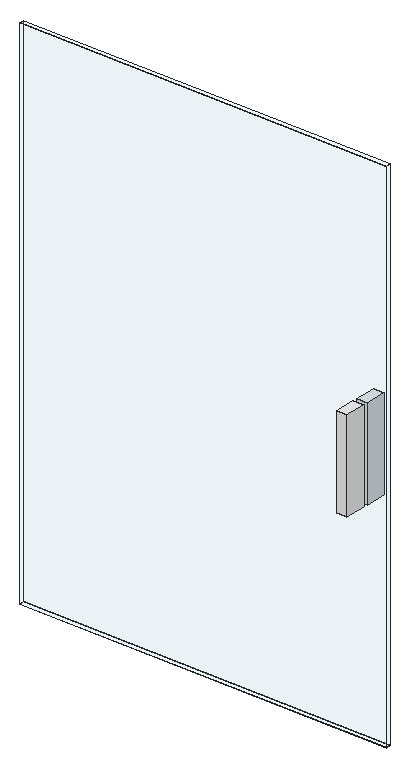
Revit family
Parameters (values of type "커튼월 단일 유리")
  Function = (empty or 0)
  Assembly Code = ""
  간격띄우기 = 51.00 mm
  유리 재료 = 유리
Reference planes
  plane 1: y = 0
  plane 2: z = 0
  plane 3: x = 539.723
  plane 4: x = 82.523
  plane 5: x = 996.923
  plane 6: z = 1300.153
  plane 7: y = 51
Forms (mm)
  Extrusion 1, solid, material "유리" <- "유리 재료"
    sketch origin (0, 0, 37.81) x (1, 0, 0) y (0, 1, 0)
      loop
        line (82.523, 51) -> (82.523, 38.3) -> (996.923, 38.3) -> (996.923, 51) -> (82.523, 51)
    from -37.81 to 1262.19
  Extrusion 2, solid, material "유리" <- "유리 재료"
    sketch origin (1079.446, 0, 37.81) x (-1, 0, 0) y (0, -1, 0)
      loop
        line (82.523, -51) -> (996.923, -51) -> (996.923, -38.3) -> (82.523, -38.3) -> (82.523, -51)
    from -37.81 to 1262.19
  Extrusion 3, solid, material "유리" <- "유리 재료"
    sketch origin (1079.446, 0, 37.81) x (-1, 0, 0) y (0, -1, 0)
      loop
        line (82.523, -51) -> (996.923, -51) -> (996.923, -38.3) -> (82.523, -38.3) -> (82.523, -51)
    from -37.81 to 1262.19
  Extrusion 4, solid, material "금속 - 알루미늄"
    sketch origin (394.467, 51, 1069.552) x (0, 0, -1) y (-1, 0, 0)
      loop
        line (322.773, -519.111) -> (322.773, -544.511) -> (551.373, -544.511) -> (551.373, -519.111) -> (322.773, -519.111)
    from 0 to 50.8
  Extrusion 5, solid, material "금속 - 알루미늄"
    sketch origin (64.267, 38.3, 1069.552) x (0, 0, -1) y (1, 0, 0)
      loop
        line (322.773, 874.711) -> (322.773, 849.311) -> (551.373, 849.311) -> (551.373, 874.711) -> (322.773, 874.711)
    from 0 to 50.8
Lines and regions (mm)
  symbolic lines, style "DoorsPanelProjection"
    curve 1: line (996.923, 51, 0) -> (996.923, 1101, 0)
  symbolic lines, style "평면도 스윙"
    curve 2: arc (-53.077, 51, 0) -> (254.461, 793.462, 0) -> (996.923, 1101, 0) r 1050
  symbolic lines, style "입면도 스윙"
    curve 3: line (996.923, 51, 1300.153) -> (82.523, 51, 650.077)
    curve 4: line (82.523, 51, 650.077) -> (996.923, 51, 0)
Text (mm)
  text "외부" at (-272.061, 797.241, 0), in view "기준선"
Dimensions and locks
  equal spacing: plane 4, plane 3, plane 5
  "간격띄우기": plane 1 to plane 7
  plane 2 to plane 6 = 1300.153 mm
  locked: plane 6 to Extrusion 1 at 0.153
  curve 4 to plane 6 = 650.077 mm
  Extrusion 1 to Extrusion 3 = 0.00 mm
  aligned and locked: Extrusion 1 sketch curve to plane 4
  aligned and locked: Extrusion 1 to plane 2
Automatic sketch dimensions
  Extrusion 3 to Extrusion 4 sketch curve = 553.221 mm
  Extrusion 4 sketch curve to Extrusion 4 sketch curve = 228.60 mm
  Extrusion 3 to Extrusion 5 sketch curve = 553.221 mm
  Extrusion 5 sketch curve to Extrusion 5 sketch curve = 228.60 mm
  curve 2 to plane 7 = 0.00 mm
  curve 2 to plane 5 = 0.00 mm
  curve 1 to plane 7 = 0.00 mm
  plane 4 to curve 2 = 135.60 mm
  Extrusion 1 sketch curve to plane 5 = 0.00 mm
  Extrusion 1 sketch curve to plane 7 = 0.00 mm
  plane 7 to Extrusion 1 sketch curve = 12.70 mm
  Extrusion 2 sketch curve to plane 5 = 0.00 mm
  Extrusion 2 sketch curve to plane 4 = 0.00 mm
  Extrusion 2 sketch curve to plane 7 = 0.00 mm
  plane 7 to Extrusion 2 sketch curve = 12.70 mm
  Extrusion 3 sketch curve to plane 5 = 0.00 mm
  Extrusion 3 sketch curve to plane 4 = 0.00 mm
  Extrusion 3 sketch curve to plane 7 = 0.00 mm
  plane 7 to Extrusion 3 sketch curve = 12.70 mm
  curve 3 to Extrusion 3 = 0.00 mm
  curve 4 to Extrusion 3 = 0.00 mm  (x3)
  Extrusion 3 to curve 3 = 649.923 mm
  curve 3 to Extrusion 3 = 0.153 mm
  Extrusion 4 sketch curve to Extrusion 3 = 57.944 mm
  Extrusion 4 sketch curve to Extrusion 4 sketch curve = 25.40 mm
  Extrusion 3 to Extrusion 5 sketch curve = 83.344 mm
  Extrusion 5 sketch curve to Extrusion 5 sketch curve = 25.40 mm
